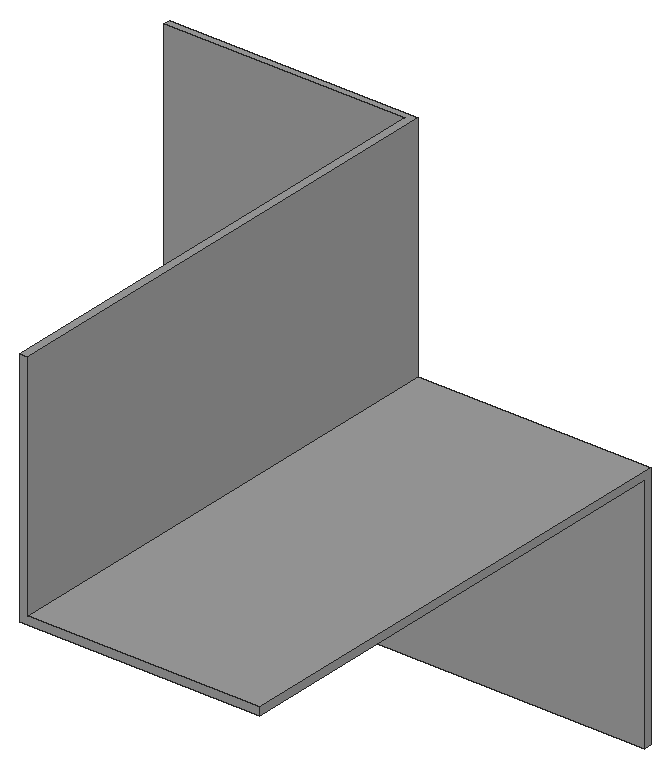
Revit family "8cb7360a-a9ac-401b-ab89-4e5b80327f17", category Generic Models, Revit 2012
Parameters (values of type "As Specified")
  Unit Width = 0' - 7 1/8"
  Unit Height = 0' - 2"
  Unit Depth = 0' - 4"
  URL = "http://www.hyload.com/"
  Thickness = 0' - 0 1/16"
  Specification = "http://www.arcat.com/sdspecs/htm04/07_65_00hyl.htm"
  Sales Information = "http://www.hyload.com/contact-us"
  Revision = "R1_12-2015"
  Product Properties = "http://www.hyload.com/masonry-flashing/preformed-shapes/"
  Product Data = "http://www.arcat.com/arcatcos/cos33/arc33176.html"
  Model = "Type W2"
  Manufacturer Website = "http://www.hyload.com/"
  Manufacturer Phone - Toll Free = "800-457-4056"
  Manufacturer Phone = "330-769-3546"
  Manufacturer Fax = "330-769-4153"
  Manufacturer Address = "5020 Panther Pkwy., Seville, OH 44273"
  Manufacturer = "Hyload"
  Keynote = "07 65 00"
  Flashing Material = Hyload Flashing Membrane - Grey
  Drawn By = "Robert S. Weygant / Sumex Design"
  Description = "Preformed Hyload Masonry Flashing - Type W2"
  Copyright = "(c) ARCAT, Inc, 2015"
  Construction Details = "http://www.arcat.com/details/hyload/hyload.html?coid=33176"
  Assembly Code = "B3010400"
Reference planes (in)
  plane 1 "Center (Front/Back)": y = 0
  plane 2: z = 0
  plane 3 "Center (Left/Right)": x = 0
  plane 4: x = 2
  plane 5: z = 2
  plane 6: y = -4
  plane 7: z = 4
Forms (in)
  Sweep 1, solid, material "Hyload Flashing Membrane - Grey" <- "Flashing Material"
    path origin (0, 0, 0) x (1, 0, 0) y (0, 0, 1)
      loop
        line (2, 2) -> (0, 2) -> (0, 4)
    profile origin (1, 0, 2) x (0, 0, -1) y (0, -1, 0)
      loop
        line (0, 0) -> (0, 4) -> (-0.0625, 4) -> (-0.0625, -0.0625) -> (2, -0.0625) -> (2, 0) -> (0, 0)
Dimensions and locks (in)
  "Unit Height": plane 5 to level
  "Unit Depth": plane 1 "Center (Front/Back)" to plane 6
  plane 7 to level = 0' - 4"
  plane 4 to plane 3 "Center (Left/Right)" = 0' - 2"
  "Thickness": Sweep 1 sketch curve to plane 1 "Center (Front/Back)"
  "Thickness": Sweep 1 sketch curve to plane 5
  aligned and locked: plane 2 to level
  aligned and locked: plane 3 "Center (Left/Right)" to Sweep 1 sketch curve
  aligned and locked: plane 5 to Sweep 1 sketch curve  (x2)
  aligned and locked: Sweep 1 sketch curve to plane 6
  aligned and locked: Sweep 1 sketch curve to level
  aligned and locked: plane 7 to Sweep 1 sketch curve
  aligned and locked: Sweep 1 sketch curve to plane 1 "Center (Front/Back)"
Automatic sketch dimensions
  Sweep 1 sketch curve to plane 4 = 0' - 0"
